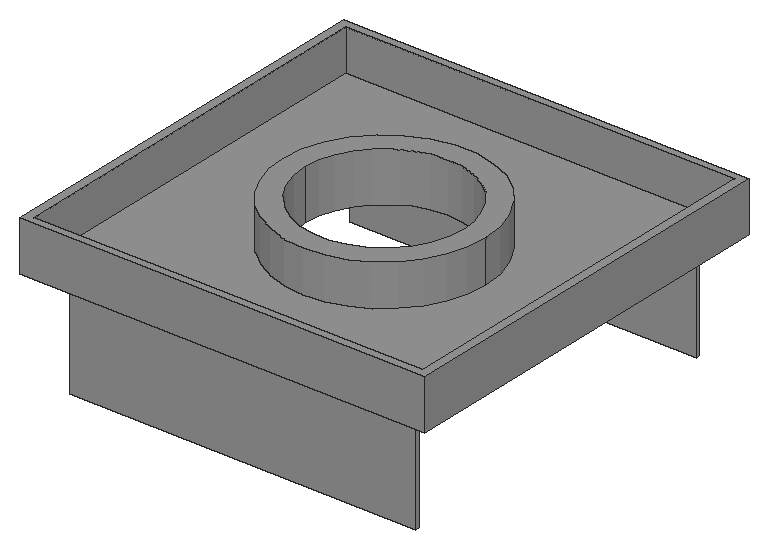
Revit family "Nivellierbare Kassette für Tubus, RKFNUZD3, 20-25, 9", category Generic Models, Revit 2015
Parameters (values of type "RKFN2UZD3 9VS25")
  Width = 243 mm
  URL = "http://www.obo-bettermann.com"
  Material = Stainless Steel, Polished
  Manufacturer Art.No. = "7409380"
  Manufacturer = "OBO Bettermann"
  Length = 243 mm
  Height 1 = 30 mm
  Height = 95 mm
  GTIN = "4012195869153"
  Cut depth = 25 mm
  Article Type = "RKFN2UZD3 9VS25"
Types (3, lengths in mm): name | Manufacturer Art.No. | Height | GTIN | Cut depth | Article Type
  (no name) | "7409380" | 95 | "4012195869153" | 25 | "RKFN2UZD3 9VS25"
  RKFN2UZD3 9VS20 | "7409378" | 90 | "4012195869146" | 20 | "RKFN2UZD3 9VS20"
  RKFN2UZD3 9VS25 | "7409380" | 95 | "4012195869153" | 25 | "RKFN2UZD3 9VS25"
Reference planes
  plane 1 "Center (Front/Back)": y = 0
  plane 2: z = 0
  plane 3 "Center (Left/Right)": x = 0
  plane 4: y = 121.5
  plane 5: y = -121.5
  plane 6: z = 95
  plane 7: z = 70
  plane 8: z = 65
Forms (mm)
  Extrusion 1, solid, material "Stainless Steel, Polished" <- "Material"
    sketch origin (0, 0, 0) x (1, 0, 0) y (0, 0, 1)
      loop
        line (-121.5, 95) -> (-121.5, 65) -> (121.5, 65) -> (121.5, 95) -> (-121.5, 95)
    from -121.5 to 121.5
  Extrusion 2, solid, material "Stainless Steel, Polished" <- "Material"
    sketch origin (0, 0, 0) x (1, 0, 0) y (0, 1, 0)
      loop
        line (-104.2, -104.3) -> (-104.2, -106.3) -> (104.2, -106.3) -> (104.2, -104.3) -> (-104.2, -104.3)
      loop
        line (-104.2, 106.3) -> (-104.2, 104.3) -> (104.2, 104.3) -> (104.2, 106.3) -> (-104.2, 106.3)
    from 0 to 65
  Extrusion 3, void
    sketch origin (0, 0, 0) x (1, 0, 0) y (0, 1, 0)
      loop
        line (-117.05, 117.05) -> (-117.05, -117.05) -> (117.05, -117.05) -> (117.05, 117.05) -> (-117.05, 117.05)
      loop
        circle (0, 0) r 61
    from 70 to 95
  Extrusion 4, void
    sketch origin (0, 0, 0) x (1, 0, 0) y (0, 1, 0)
      loop
        circle (0, 0) r 47.77
    from 65 to 95
Cuts and joins
  Extrusion 3, Extrusion 4 cuts Extrusion 1
  Extrusion 3 cuts Extrusion 2
Dimensions and locks
  "Width": Extrusion 1 sketch curve to Extrusion 1 sketch curve
  locked: Extrusion 2 sketch curve to Extrusion 2 sketch curve at 208.4  (x2)
  locked: Extrusion 2 sketch curve to Extrusion 1 at 15.2
  locked: Extrusion 2 sketch curve to Extrusion 2 sketch curve at 2  (x2)
  "Cut depth": plane 6 to plane 7
  "Length": plane 4 to plane 5
  locked: plane 3 "Center (Left/Right)" to Extrusion 1 sketch curve at 121.5
  locked: plane 4 to plane 1 "Center (Front/Back)" at 121.5
  "Height 1": plane 6 to plane 8
  locked: Extrusion 2 sketch curve to plane 3 "Center (Left/Right)" at 104.2  (x2)
  locked: cut or joined group of Extrusion 1, Extrusion 3, Extrusion 4 to Extrusion 2 sketch curve at 15.2
  locked: Extrusion 3 sketch curve to Extrusion 3 sketch curve at 234.1  (x2)
  equal spacing: Extrusion 3 sketch curve, plane 3 "Center (Left/Right)", Extrusion 3 sketch curve, locked at 117.05 each
  equal spacing: Extrusion 3 sketch curve, plane 1 "Center (Front/Back)", Extrusion 3 sketch curve, locked at 117.05 each
  "Height": plane 6 to level
  diameter of Extrusion 4 sketch curve = 95.54 mm
  aligned and locked: level to plane 2
  aligned and locked: plane 5 to Extrusion 1
  aligned and locked: Extrusion 1 to plane 4
  aligned and locked: plane 6 to Extrusion 1
  aligned and locked: cut or joined group of Extrusion 1, Extrusion 3, Extrusion 4 to Extrusion 3
  aligned and locked: Extrusion 3 to plane 7
  aligned and locked: Extrusion 1 to plane 8
  aligned and locked: Extrusion 1 to Extrusion 4  (x2)
  aligned and locked: Extrusion 2 to level
  aligned and locked: Extrusion 2 to cut or joined group of Extrusion 1, Extrusion 3, Extrusion 4
Automatic sketch dimensions
  Extrusion 1 sketch curve to plane 6 = 0 mm
  plane 8 to Extrusion 1 sketch curve = 0 mm
  plane 1 "Center (Front/Back)" to Extrusion 3 sketch curve = 0 mm
  Extrusion 3 sketch curve to plane 3 "Center (Left/Right)" = 0 mm
  plane 1 "Center (Front/Back)" to Extrusion 4 sketch curve = 0 mm
  Extrusion 4 sketch curve to plane 3 "Center (Left/Right)" = 0 mm
  radius of Extrusion 3 sketch curve = 61 mm
